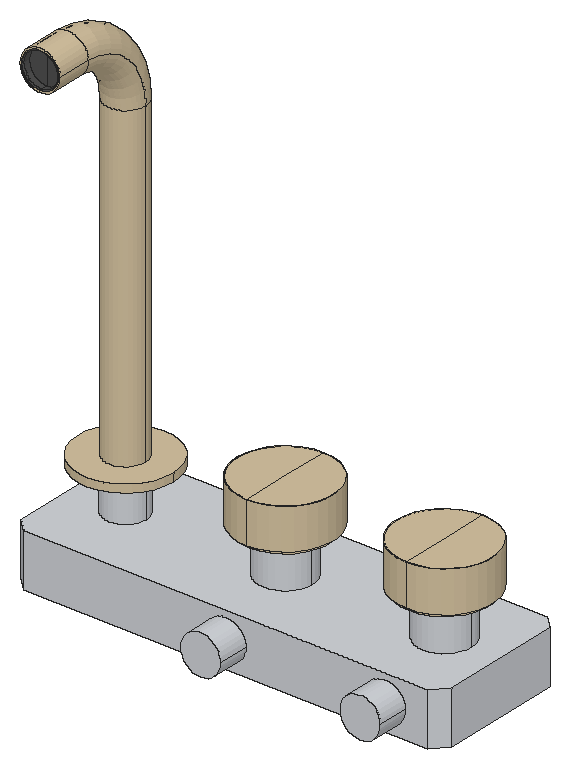
Revit family "Reece_Tap_Milli_Pure_Basin Tap Hostess System_250 mm", category Plumbing Fixtures, host Face, Revit 2018
Family settings
  Host = Face
  Round Connector Dimension = Use Diameter
  Part Type = Normal
  Cut with Voids When Loaded = No
  Shared = Yes
  Room Calculation Point = Yes
Parameters (values of type "PVD Brushed Gold")
  WFU = 0  # constant formula
  URL = "https://www.reece.com.au/product/-9510898"
  Type Comments = "Tap"
  Reece_Tap_Reach = 250 mm  # constant formula
  Reece_Tap_Inlet = 15 mm  # constant formula
  Reece_Product_Web Page = "https://www.reece.com.au/product/-9510898"
  Reece_Product_Type = "Tap"  # constant formula
  Reece_Product_Sub Brand = "Pure"  # constant formula
  Reece_Product_Number = "9510898"
  Reece_Product_Mount = "Wall Mounted"
  Reece_Product_Description = "Milli Pure Wall Basin Hostess System 250mm PVD Brushed Gold (3 Star)"
  Reece_Product_Brand = "Milli"  # constant formula
  Reece_Overall_Length = 262.5 mm  # constant formula
  Reece_Material_Main = Reece_PVD_Brushed Gold
  Reece_Detail_Tap_Handle Texture = ""
  Reece_Detail_Installation = ""
  Reece_Detail_Disclaimer = "THIS FILE IS THE PROPERTY OF THE REECE GROUP. IT MAY NOT BE REPRODUCED, REVERSE-ENGINEERED OR MODIFIED. ANY REPUBLICATION, TRANSMISSION OR DISTRIBUTION FOR THE PURPOSE OF COMMERCIALLY EXPLOITING THE FILES IS PROHIBITED."  # constant formula
  Reece_Detail_Connector = ""
  Reece_Detail_Additional = "Basin Tap Hostess System\r\n"  # constant formula
  Model = "Pure"
  Manufacturer = "Milli"
  Keynote = "Product #9510898, Reece_Tap_Milli_Pure_Basin Tap Hostess System_250 mm - PVD Brushed Gold"
  HWFU = 0  # constant formula
  Disclaimer = "THIS FILE IS THE PROPERTY OF THE REECE GROUP. IT MAY NOT BE REPRODUCED, REVERSE-ENGINEERED OR MODIFIED. ANY REPUBLICATION, TRANSMISSION OR DISTRIBUTION FOR THE PURPOSE OF COMMERCIALLY EXPLOITING THE FILES IS PROHIBITED."  # constant formula
  Description = "Milli Pure Wall Basin Hostess System 250mm PVD Brushed Gold (3 Star)"
  Default Elevation = 1000 mm
  CWFU = 0  # constant formula
Types (5, lengths in mm): name | URL | Reece_Product_Web Page | Reece_Product_Number | Reece_Product_Description | Reece_Material_Main | Keynote | Description
  Brushed Gunmetal | "https://www.reece.com.au/product/-2281298" | "https://www.reece.com.au/product/-2281298" | "2281298" | "Milli Pure Wall Basin Hostess System 250mm Right Hand Brushed Gunmetal (3 Star)" | Reece_Brass_Brushed Gunmetal | "Product #2281298, Reece_Tap_Milli_Pure_Basin Tap Hostess System_250 mm - Brushed Gunmetal" | "Milli Pure Wall Basin Hostess System 250mm Brushed Gunmetal (3 Star)"
  Chrome | "https://www.reece.com.au/product/-2263277" | "https://www.reece.com.au/product/-2263277" | "2263277" | "Milli Pure Wall Basin Hostess System 250mm Right Hand Chrome (3 Star)" | Reece_Brass_Chrome | "Product #2263277, Reece_Tap_Milli_Pure_Basin Tap Hostess System_250 mm - Chrome" | "Milli Pure Wall Basin Hostess System 250mm Chrome (3 Star)"
  Matte Black | "https://www.reece.com.au/product/-2281220" | "https://www.reece.com.au/product/-2281220" | "2281220" | "Milli Pure Wall Basin Hostess System 250mm Right Hand Matte Black (3 Star)" | Reece_Brass_Matte Black | "Product #2281220, Reece_Tap_Milli_Pure_Basin Tap Hostess System_250 mm - Matte Black" | "Milli Pure Wall Basin Hostess System 250mm Matte Black (3 Star)"
  PVD Brushed Bronze | "https://www.reece.com.au/product/-9511083" | "https://www.reece.com.au/product/-9511083" | "9511083" | "Milli Pure Wall Basin Hostess System 250mm PVD Brushed Bronze (3 Star)" | Reece_PVD_Brushed Bronze | "Product #9511083, Reece_Tap_Milli_Pure_Basin Tap Hostess System_250 mm - PVD Brushed Bronze" | "Milli Pure Wall Basin Hostess System 250mm PVD Brushed Bronze (3 Star)"
  PVD Brushed Gold | "https://www.reece.com.au/product/-9510898" | "https://www.reece.com.au/product/-9510898" | "9510898" | "Milli Pure Wall Basin Hostess System 250mm PVD Brushed Gold (3 Star)" | Reece_PVD_Brushed Gold | "Product #9510898, Reece_Tap_Milli_Pure_Basin Tap Hostess System_250 mm - PVD Brushed Gold" | "Milli Pure Wall Basin Hostess System 250mm PVD Brushed Gold (3 Star)"
Reference planes
  plane 1 "Center (Front/Back)": y = 0
  plane 2 "Bottom": z = 0
  plane 3 "Center (Left/Right)": x = 0
  plane 4 "Top": z = 262.5
  plane 5: z = 250
  plane 6: y = -67
  plane 7: x = -100
  plane 8: x = 100
Forms (mm)
  Extrusion 1, solid, material "Reece_PVD_Brushed Gold" <- "Reece_Material_Main"
    sketch origin (-50, 0, 0) x (1, 0, 0) y (0, 1, 0)
      loop
        circle (-50, 0) r 30
    from 0 to 5
  Sweep 2, solid, material "Reece_PVD_Brushed Gold" <- "Reece_Material_Main"
    path origin (0, 0, 0) x (0, 1, 0) y (0, 0, 1)
      loop
        line (-67, 250) -> (-45, 250)
        arc (-45, 250) -> (-13.18, 236.82) -> (0, 205) r 45
        line (0, 205) -> (0, 0)
    profile origin (0, 0, 102.5) x (1, 0, 0) y (0, 1, 0)
      loop
        circle (-100, 0) r 12.5
      loop
        circle (-100, 0) r 11.5
  Revolve 3, solid, material "Reece_Brass_Matte Black"
    sketch origin (-100, -183.21, 118.488) x (0, 0.572951, -0.81959) y (0, 0.81959, 0.572951)
      loop
        line (-38.39, 174.619) -> (-37.119, 176.437) -> (-46.38, 182.911) -> (-50.465, 177.068) -> (-49.461, 177.508) -> (-47.184, 180.766) -> (-38.39, 174.619)
      axis (-37.119, 176.437) -> (-41.203, 170.594)
    angle from 0 to 360
  Extrusion 4, solid
    sketch origin (-50, 0, 0) x (1, 0, 0) y (0, 1, 0)
      loop
        circle (50, 0) r 17
    from 0 to -27
  Extrusion 5, solid
    sketch origin (0, 0, 0) x (1, 0, 0) y (0, 1, 0)
      loop
        line (-126.853, 46.5) -> (-135, 38.353) -> (-135, -38.353) -> (-126.853, -46.5) -> (126.853, -46.5) -> (135, -38.353) -> (135, 38.353) -> (126.853, 46.5) -> (-126.853, 46.5)
    from -60 to -27
  Extrusion 6, solid
    sketch origin (-150, 0, 0) x (1, 0, 0) y (0, 1, 0)
      loop
        circle (50, 0) r 13
    from 0 to -27
  Extrusion 7, solid
    sketch origin (50, 0, -3.5) x (-1, 0, 0) y (0, 0, 1)
      loop
        circle (50, -40) r 12.5
    from -66.119 to -46.5
  Extrusion 8, solid
    sketch origin (150, 0, -3.5) x (-1, 0, 0) y (0, 0, 1)
      loop
        circle (50, -40) r 12.5
    from -66.119 to -46.5
  Extrusion 9, void
    sketch origin (-150, 0, 0) x (1, 0, 0) y (0, 1, 0)
      loop
        circle (50, 0) r 17
    from 0 to -27
  Extrusion 10, void
    sketch origin (50, 0, 0) x (-1, 0, 0) y (0, -1, 0)
      loop
        circle (50, 0) r 20
    from 0 to -27
  Extrusion 11, void
    sketch origin (150, 0, 0) x (-1, 0, 0) y (0, -1, 0)
      loop
        circle (50, 0) r 20
    from 0 to -27
  Extrusion 12, solid
    sketch origin (50, 0, 0) x (1, 0, 0) y (0, 1, 0)
      loop
        circle (50, 0) r 17
    from 0 to -27
Cuts and joins
  Extrusion 10 cuts Extrusion 1
  Extrusion 10 cuts Sweep 2
  joined: Extrusion 1, Sweep 2
  Extrusion 11 cuts Extrusion 4
  Extrusion 11 cuts Extrusion 5
  Extrusion 10, Extrusion 11 cuts Extrusion 6
  Extrusion 10, Extrusion 11 cuts Extrusion 7
  Extrusion 10, Extrusion 11 cuts Extrusion 8
  joined: Extrusion 4, Extrusion 5, Extrusion 6, Extrusion 7, Extrusion 8, Extrusion 12
Text (mm)
  text "Reece Copyright © 2018, Reece Ltd." at (-1153.977, -260.534, 0), in view "Ref. Level"
  text "Reece ©" at (17.365, 177.113, 137.527), in view "Reece Preview"
Dimensions and locks
  "Reece_Tap_Reach": plane 5 to plane 2 "Bottom"
  plane 1 "Center (Front/Back)" to plane 6 = 67 mm
  locked: plane 4 "Top" to plane 5 at 12.5
  "Reece_Overall_Length": plane 4 "Top" to plane 2 "Bottom"
  plane 7 to plane 3 "Center (Left/Right)" to plane 8 = 100 mm, 100 mm
  aligned and locked: plane 2 "Bottom" to host face
  aligned and locked: level to host face
  aligned and locked: host face to Extrusion 9
Automatic sketch dimensions
  host sketch curve to host sketch curve = 380.785 mm
  host sketch curve to host sketch curve = 317.421 mm
  plane 1 "Center (Front/Back)" to Extrusion 1 sketch curve = 0 mm
  Extrusion 1 sketch curve to plane 7 = 0 mm
  Sweep 2 sketch curve to plane 5 = 0 mm
  Sweep 2 sketch curve to plane 6 = 0 mm
  level to Sweep 2 sketch curve = 0 mm
  Sweep 2 sketch curve to plane 1 "Center (Front/Back)" = 0 mm
  Sweep 2 sketch curve to plane 6 = 22 mm
  Sweep 2 sketch curve to Sweep 2 sketch curve = 0 mm  (x2)
  profile plane to Sweep 2 sketch curve = 0 mm
  Sweep 2 sketch curve to plane 3 "Center (Left/Right)" = 100 mm
  Revolve 3 sketch curve to plane 5 = 0 mm  (x4)
  Revolve 3 sketch curve to plane 6 = 0 mm
  Revolve 3 sketch curve to plane 4 "Top" = 1.2 mm
  Revolve 3 sketch curve to Revolve 3 sketch curve = 1.003 mm
  Revolve 3 sketch curve to Revolve 3 sketch curve = 2.278 mm
  Revolve 3 sketch curve to Revolve 3 sketch curve = 0.803 mm
  Revolve 3 sketch curve to Revolve 3 sketch curve = 1.271 mm
  Revolve 3 sketch curve to Revolve 3 sketch curve = 17.422 mm
  Revolve 3 sketch curve to Revolve 3 sketch curve = 3.892 mm
  Extrusion 4 sketch curve to Extrusion 4 sketch curve = 0 mm  (x2)
  plane 1 "Center (Front/Back)" to Extrusion 4 sketch curve = 0 mm
  Extrusion 4 sketch curve to plane 3 "Center (Left/Right)" = 0 mm
  Extrusion 4 sketch curve to Extrusion 4 sketch curve = 17 mm
  Extrusion 5 sketch curve to plane 7 = 35 mm
  Extrusion 5 sketch curve to Extrusion 5 sketch curve = 8.147 mm  (x6)
  Extrusion 5 sketch curve to plane 8 = 26.853 mm  (x2)
  Extrusion 5 sketch curve to plane 6 = 20.5 mm
  Extrusion 5 sketch curve to plane 1 "Center (Front/Back)" = 38.353 mm  (x2)
  Extrusion 6 sketch curve to Extrusion 6 sketch curve = 0 mm  (x2)
  plane 1 "Center (Front/Back)" to Extrusion 6 sketch curve = 0 mm
  Extrusion 6 sketch curve to plane 7 = 0 mm
  Extrusion 6 sketch curve to plane 7 = 13 mm
  Extrusion 7 sketch curve to plane 3 "Center (Left/Right)" = 0 mm
  Extrusion 7 sketch curve to level = 43.5 mm
  plane 8 to Extrusion 8 sketch curve = 0 mm
  Extrusion 8 sketch curve to level = 43.5 mm
  Extrusion 9 sketch curve to Extrusion 9 sketch curve = 0 mm  (x2)
  plane 1 "Center (Front/Back)" to Extrusion 9 sketch curve = 0 mm
  Extrusion 9 sketch curve to plane 7 = 0 mm
  Extrusion 9 sketch curve to plane 7 = 17 mm
  Extrusion 10 sketch curve to Extrusion 10 sketch curve = 0 mm  (x2)
  plane 1 "Center (Front/Back)" to Extrusion 10 sketch curve = 0 mm
  Extrusion 10 sketch curve to plane 3 "Center (Left/Right)" = 0 mm
  Extrusion 10 sketch curve to plane 3 "Center (Left/Right)" = 20 mm
  Extrusion 11 sketch curve to Extrusion 11 sketch curve = 0 mm  (x2)
  plane 1 "Center (Front/Back)" to Extrusion 11 sketch curve = 0 mm
  Extrusion 11 sketch curve to plane 8 = 0 mm
  plane 8 to Extrusion 11 sketch curve = 20 mm
  Extrusion 12 sketch curve to Extrusion 12 sketch curve = 0 mm  (x2)
  plane 1 "Center (Front/Back)" to Extrusion 12 sketch curve = 0 mm
  Extrusion 12 sketch curve to plane 8 = 0 mm
  Extrusion 12 sketch curve to Extrusion 12 sketch curve = 17 mm
  radius of Extrusion 1 sketch curve = 30 mm
  radius of Sweep 2 sketch curve = 12.5 mm
  radius of Sweep 2 sketch curve = 11.5 mm
  radius of Extrusion 7 sketch curve = 12.5 mm
  radius of Extrusion 8 sketch curve = 12.5 mm
Nested families
  nested 1: "Reece_Tap_Milli_Pure_Cap_Main_2D" at (0, 0, 0), Reece_Material_Main <- "Reece_Material_Main", Reece_Material_Secondary <- "Reece_Material_Main", type "60mm x 28mm"
    with Reece_Material_Secondary Reece_PVD_Brushed Gold, Reece_Material_Main Reece_PVD_Brushed Gold
  nested 2: "Reece_Tap_Milli_Pure_Cap_Main_2D" at (100, 0, 0), Reece_Material_Main <- "Reece_Material_Main", Reece_Material_Secondary <- "Reece_Material_Main", type "60mm x 28mm"
    with Reece_Material_Secondary Reece_PVD_Brushed Gold, Reece_Material_Main Reece_PVD_Brushed Gold
Connectors
  piping at (0, -66.119, -43.5), diameter 15, driven by "Reece_Tap_Inlet"
    settings: on cut or joined group 1 (Extrusion 4, Extrusion 5, Extrusion 6, Extrusion 7, Extrusion 8, Extrusion 10, Extrusion 11, Extrusion 12), index 1, connector inside diameter 609.6 mm, connector length 0 mm, flow factor 0, pipe flow 0.0 L/s, pressure drop 0.0 Pa, fitting loss kfactor 0, connector angle 0.00°, fixture units 0, engagement length 0 mm, angle of deflection 0.00°, flow configuration 0, flow direction 1, fitting loss method 0, system type 29, joint type 0, gender type 0, connector reference index -1, connector utility 0, adjustable connector no, is connector primary yes, connector description ""
  piping at (100, -66.119, -43.5), diameter 15, driven by "Reece_Tap_Inlet"
    settings: on cut or joined group 1, index 2, connector inside diameter 609.6 mm, connector length 0 mm, flow factor 0, pipe flow 0.0 L/s, pressure drop 0.0 Pa, fitting loss kfactor 0, connector angle 0.00°, fixture units 0, engagement length 0 mm, angle of deflection 0.00°, flow configuration 0, flow direction 1, fitting loss method 0, system type 29, joint type 0, gender type 0, connector reference index -1, connector utility 0, adjustable connector no, is connector primary no, connector description ""
Definition of nested family "Reece_Tap_Milli_Pure_Cap_Main_2D"
  Parameters (values of type "62mm x 30mm")
    WFU = 0  # constant formula
    Reece_Overall_Width = 62 mm
    Reece_Overall_Height = 30 mm
    Reece_Material_Secondary [instance] = none
    Reece_Material_Main [instance] = none
    Reece_Detail_Installation = ""
    Reece_Detail_Connector = ""
    Reece_Detail_Additional = ""
    HWFU = 0  # constant formula
    Default Elevation = 1000 mm
    CWFU = 0  # constant formula
  Types (4, lengths in mm): name | Reece_Overall_Width | Reece_Overall_Height
    62mm x 30mm | 62 | 30
    60mm x 28mm | 60 | 28
    54mm x 30mm | 54 | 30
    60mm x 26mm | 60 | 26
  Reference planes
    plane 1 "Center (Front/Back)": y = 0
    plane 2 "Bottom": z = 0
    plane 3 "Center (Left/Right)": x = 0
    plane 4: y = -31
    plane 5: y = 31
    plane 6: z = 30
    plane 7: y = -29
    plane 8: y = 29
    plane 9: z = 16
    plane 10: z = 2
  Forms (mm)
    Extrusion 1, solid
      sketch origin (619.2, -619.2, 0) x (1, 0, 0) y (0, 1, 0)
        loop
          line (-809.2, 779.2) -> (-809.2, 461.779) -> (-428.415, 461.779) -> (-428.415, 779.2) -> (-809.2, 779.2)
      from 0 to -9.564
    Revolve 2, solid, material <- "Reece_Material_Secondary"
      sketch origin (0, 50, 0) x (0, -1, 0) y (0, 0, 1)
        loop
          line (50, 0) -> (79, 0) -> (79, 2) -> (81, 2) -> (81, 30) -> (79, 28) -> (50, 28) -> (50, 0)
        axis (50, 0) -> (50, 30)
      angle from 0 to 360
    Revolve 3, solid, material <- "Reece_Material_Main"
      sketch origin (0, 50, 0) x (0, -1, 0) y (0, 0, 1)
        loop
          line (81, 30) -> (50, 30) -> (50, 28) -> (79, 28) -> (81, 30)
        axis (50, 28) -> (50, 30)
      angle from 0 to 360
  Text (mm)
    text "Reece Copyright © 2018, Reece Ltd." at (-1403.988, -1192.393, 0), in view "Ref. Level"
    text "Reece ©" at (44.384, 258.95, 192.345), in view "Reece Preview"
  Dimensions and locks
    equal spacing: plane 5, plane 1 "Center (Front/Back)", plane 4
    "Reece_Overall_Width": plane 5 to plane 4
    "Reece_Overall_Height": plane 6 to plane 2 "Bottom"
    locked: plane 7 to plane 4 at 2
    locked: plane 5 to plane 8 at 2
    equal spacing: plane 6, plane 9, plane 10
    locked: plane 10 to plane 2 "Bottom" at 2
    aligned and locked: plane 2 "Bottom" to Extrusion 1
    aligned and locked: level to Extrusion 1
    aligned and locked: plane 7 to Revolve 2 sketch curve
  Automatic sketch dimensions
    Extrusion 1 sketch curve to Extrusion 1 sketch curve = 380.785 mm
    Extrusion 1 sketch curve to Extrusion 1 sketch curve = 317.421 mm
    Revolve 2 sketch curve to plane 1 "Center (Front/Back)" = 0 mm  (x2)
    Revolve 2 sketch curve to level = 0 mm
    Revolve 2 sketch curve to plane 7 = 0 mm
    Revolve 2 sketch curve to plane 4 = 0 mm
    Revolve 2 sketch curve to plane 6 = 0 mm  (x2)
    level to Revolve 2 sketch curve = 2 mm
    Revolve 2 sketch curve to plane 6 = 2 mm
    Revolve 2 sketch curve to Revolve 2 sketch curve = 10 mm
    Revolve 3 sketch curve to plane 1 "Center (Front/Back)" = 0 mm  (x2)
    Revolve 3 sketch curve to plane 7 = 0 mm
    Revolve 3 sketch curve to plane 4 = 0 mm
    Revolve 3 sketch curve to plane 6 = 0 mm  (x2)
    Revolve 3 sketch curve to plane 6 = 2 mm
    Revolve 3 sketch curve to Revolve 3 sketch curve = 10 mm
